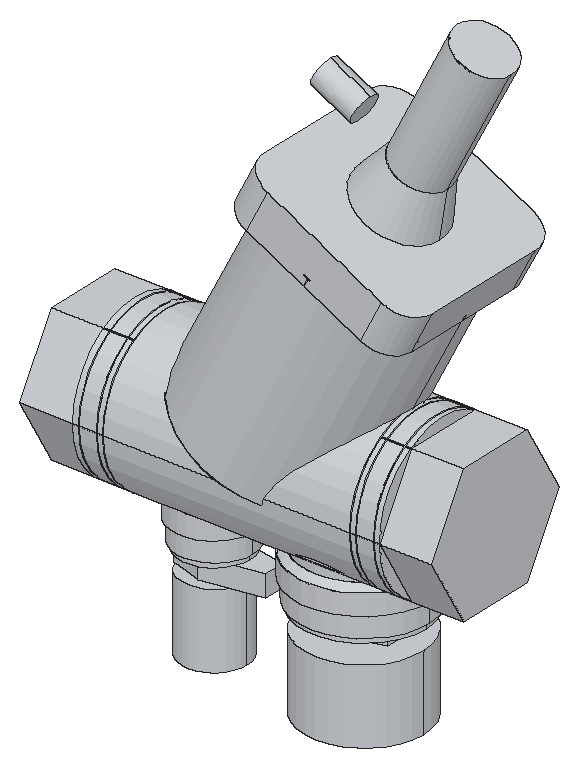
Revit family "PV_Compact_DN040_ 20-80_FF_měř_RFA_2019", category Pipe Accessories, Revit 2019
Family settings
  Round Connector Dimension = Use Diameter
  Part Type = Valve - Breaks Into
  Work Plane-Based = No
  Always vertical = Yes
  Cut with Voids When Loaded = No
  Shared = No
Parameters (values of type "PV Compact DN40 FF s měřením ( 20-80kPa)")
  magiProductId = "8dd334465d8f48dd802c3dab6bec5b"
  magiProductFamilyId = "17221e4467384e4990f0bd3f9c07cb"
  magiPartTypeId = 304
  isMeasuringValve [instance] = no
  ang2D [instance] = 0.00°
  Z7 = 15 mm
  Z6 = 46.8 mm
  Z5 = 109.2 mm
  Z4 = 93.6 mm
  Z3 = 15.6 mm
  Z2 = 78 mm
  XR3 = 42.5 mm
  XR2 = 37.5 mm
  XR1 = 25.5 mm
  W2D = 15 mm
  VersionID = "2.0/2018.12.13.2/FRESE_PV_COMPACT_PLUG_Q13_001"
  Use Minimum Symbol Size [instance] = no
  URL = "www.hydronix.cz"
  Type Comments = "závitový s vnitřním závitem; dvěma měřicími vsuvkami; PN25; dpmax=450kPa; -10~+120°C;"
  R5 = 5 mm
  R4 = 15 mm
  R3 = 10 mm
  R2 = 26.5 mm
  R1 = 31.5 mm
  QmdConnectorList = "301;D;302;D"
  Productdata [instance] = ""
  PH__ve = -PH  # -11.2 mm
  PH = 11.2 mm
  NL__ve = -NL  # -27.6 mm
  NL = 27.6 mm
  Manufacturer = "Hydronix"
  MC Use Limits From Balancing Method = no
  MC Throttling Minimum Value = 0
  MC Throttling Maximum Value = 0
  MC Product Code = "53-3216 DN40; FF; nastavitelný rozsah dp=20~80kPa; Q=3000~8000l/h;  kvs=15,8"
  MC Pressure Drop Minimum Value = 0.0 Pa
  MC Pressure Drop Maximum Value = 0.0 Pa
  MC Piping Given Pressure Drop [instance] = 0.0 Pa
  M5 = 51.4 mm
  M4 = 49.4 mm
  M3 = 43.4 mm
  M2 = 41.4 mm
  LP = 69 mm
  LM = 82.8 mm
  LL__ve = -LL  # -7.1 mm
  LLT__ve = -LLT  # -24.7 mm
  LLT = 24.7 mm
  LL2 = 46 mm
  LL = 7.1 mm
  L3 = 25 mm
  L2D_Min = 30.48 mm
  L2D = 65 mm
  Description = "Nastavitelný regulátor tlakové diference"
  DR1 = no
  DR0 = yes
  DL2 = 66 mm
  D = 40 mm
  CenSd_R2_6 = R2 * cos(30.00°)  # 22.95 mm
  CAT0 = yes
  C0D1 = no
  C0D0 = yes
Types (10, lengths in mm): name | magiProductId | Z6 | Z5 | Z4 | Z3 | Z2 | XR3 | XR2 | XR1 | R2 | R1 | PH__ve | PH | NL__ve | NL | MC Product Code | M5 | M4 | M3 | M2 | LP | LM | LL__ve | LLT__ve | LLT | LL2 | LL | L3 | D | CenSd_R2_6
  PV Compact DN15 FF s měřením ( 20-60kPa) | "92c6061b2d364c498536f200ceae3f" | 24.6 | 57.4 | 49.2 | 8.2 | 41 | 30 | 25 | 13 | 14 | 19 | -22.4 | 22.4 | -15 | 15 | "53-3205 DN15; FF; nastavitelný rozsah dp=20~60kPa; Q=100~1000l/h;  kvs=2,9" | 32.5 | 30.5 | 24.5 | 22.5 | 37.5 | 45 | -5.7 | -14.9 | 14.9 | 32 | 5.7 | 11 | 15 | 12.124
  PV Compact DN15 FF s měřením (  5-30kPa) | "f361d342a5c3496a8b127ae77303d4" | 24.6 | 57.4 | 49.2 | 8.2 | 41 | 30 | 25 | 13 | 14 | 19 | -22.4 | 22.4 | -15 | 15 | "53-3204 DN15; FF; nastavitelný rozsah dp=5~30kPa; Q=50~600l/h;  kvs=2,9" | 32.5 | 30.5 | 24.5 | 22.5 | 37.5 | 45 | -5.7 | -14.9 | 14.9 | 32 | 5.7 | 11 | 15 | 12.124
  PV Compact DN20 FF s měřením ( 20-60kPa) | "9f7cac6a20a942348ba3edadb25c10" | 24.6 | 57.4 | 49.2 | 8.2 | 41 | 30 | 25 | 13 | 14 | 19 | -22.4 | 22.4 | -15.8 | 15.8 | "53-3207 DN20; FF; nastavitelný rozsah dp=20~60kPa; Q=150~2000l/h;  kvs=3,5" | 33.7 | 31.7 | 25.7 | 23.7 | 39.5 | 47.4 | -5.7 | -14.9 | 14.9 | 32 | 5.7 | 11 | 20 | 12.124
  PV Compact DN20 FF s měřením (  5-30kPa) | "db23a1b537c14a0d8d3ef5b88ba9f3" | 24.6 | 57.4 | 49.2 | 8.2 | 41 | 30 | 25 | 13 | 14 | 19 | -22.4 | 22.4 | -15.8 | 15.8 | "53-3206 DN20; FF; nastavitelný rozsah dp=5~30kPa; Q=100~1000l/h;  kvs=3,5" | 33.7 | 31.7 | 25.7 | 23.7 | 39.5 | 47.4 | -5.7 | -14.9 | 14.9 | 32 | 5.7 | 11 | 20 | 12.124
  PV Compact DN25 FF s měřením (  5-30kPa) | "df9f1d59aa4a4bbbaec25e168ba07d" | 25.5 | 59.5 | 51 | 8.5 | 42.5 | 30 | 25 | 13 | 14 | 19 | -20.8 | 20.8 | -16.6 | 16.6 | "53-3208 DN25; FF; nastavitelný rozsah dp=5~30kPa; Q=600~2100l/h;  kvs=4,0" | 34.9 | 32.9 | 26.9 | 24.9 | 41.5 | 49.8 | -5.9 | -16.3 | 16.3 | 34 | 5.9 | 11 | 25 | 12.124
  PV Compact DN25L FF s měřením ( 20-80kPa) | "87b7cca8bace4074a54840dfb5d8dc" | 40.2 | 93.8 | 80.4 | 13.4 | 67 | 42.5 | 37.5 | 25.5 | 26.5 | 31.5 | -17.6 | 17.6 | -20 | 20 | "53-3211 DN25L; FF; nastavitelný rozsah dp=20~80kPa; Q=750~4200l/h;  kvs=8,7" | 40 | 38 | 32 | 30 | 50 | 60 | -6.3 | -19.1 | 19.1 | 38 | 6.3 | 11 | 25 | 22.95
  PV Compact DN25L FF s měřením (  5-30kPa) | "5f34f6c18cbb44599cc4b76a533b7b" | 40.2 | 93.8 | 80.4 | 13.4 | 67 | 42.5 | 37.5 | 25.5 | 26.5 | 31.5 | -17.6 | 17.6 | -20 | 20 | "53-3210 DN25L; FF; nastavitelný rozsah dp=5~30kPa; Q=600~2500l/h;  kvs=8,7" | 40 | 38 | 32 | 30 | 50 | 60 | -6.3 | -19.1 | 19.1 | 38 | 6.3 | 11 | 25 | 22.95
  PV Compact DN32 FF s měřením ( 20-80kPa) | "4a8a1c2c3ced401aa76adec660b182" | 40.2 | 93.8 | 80.4 | 13.4 | 67 | 42.5 | 37.5 | 25.5 | 26.5 | 31.5 | -13.6 | 13.6 | -20.8 | 20.8 | "53-3214 DN32; FF; nastavitelný rozsah dp=20~80kPa; Q=1000~5000l/h;  kvs=10,1" | 41.2 | 39.2 | 33.2 | 31.2 | 52 | 62.4 | -6.8 | -22.6 | 22.6 | 43 | 6.8 | 25 | 32 | 22.95
  PV Compact DN40 FF s měřením ( 20-80kPa) | "8dd334465d8f48dd802c3dab6bec5b" | 46.8 | 109.2 | 93.6 | 15.6 | 78 | 42.5 | 37.5 | 25.5 | 26.5 | 31.5 | -11.2 | 11.2 | -27.6 | 27.6 | "53-3216 DN40; FF; nastavitelný rozsah dp=20~80kPa; Q=3000~8000l/h;  kvs=15,8" | 51.4 | 49.4 | 43.4 | 41.4 | 69 | 82.8 | -7.1 | -24.7 | 24.7 | 46 | 7.1 | 25 | 40 | 22.95
  PV Compact DN50 FF s měřením ( 20-80kPa) | "de24153ded7e41748f92358b184bd6" | 46.8 | 109.2 | 93.6 | 15.6 | 78 | 42.5 | 37.5 | 25.5 | 35.25 | 31.5 | -6.4 | 6.4 | -27.6 | 27.6 | "53-3218 DN50; FF; nastavitelný rozsah dp=20~80kPa; Q=5000~11500l/h;  kvs=16,2" | 51.4 | 49.4 | 43.4 | 41.4 | 69 | 82.8 | -7.7 | -28.9 | 28.9 | 52 | 7.7 | 25 | 50 | 30.527
Reference planes
  plane 1 "Center (Front/Back)": y = 0
  plane 2 "XYPLANE": z = 0
  plane 3 "Center (Left/Right)": x = 0
  plane 4 "408": x = 69
  plane 5 "407": x = -69
  plane 6 "402": z = -66
  plane 7 "213": x = 25
  plane 8 "168": z = -20.7
  plane 9 "167": z = -22.7
  plane 10 "166": z = -29.8
  plane 11 "165": z = -36.9
  plane 12 "164": z = -38.9
  plane 13 "154": z = 0
  plane 14 "152": y = 0
  plane 15 "151": z = -46
  plane 16 "150": x = -25
  plane 17 "75": through (307.08, 0, 685.28) normal (0.891, 0, -0.454)
  plane 18 "74": x = 51.4
  plane 19 "73": x = 49.4
  plane 20 "72": x = 43.4
  plane 21 "71": x = 41.4
  plane 22 "70": x = -51.4
  plane 23 "69": x = -49.4
  plane 24 "68": x = -43.4
  plane 25 "67": y = 0
  plane 26 "66": through (-666.893, 0, 343.166) normal (0.454, 0, 0.891)
  plane 27 "65": x = -41.4
  plane 28 "64": through (335.147, 0, 670.979) normal (0.891, 0, -0.454)
  plane 29 "63": through (-632.844, 0, 409.991) normal (0.454, 0, 0.891)
  plane 30 "62": through (363.214, 0, 656.678) normal (0.891, 0, -0.454)
  plane 31 "61": y = 31.5
  plane 32 "60": y = -31.5
  plane 33 "59": through (-625.761, 0, 423.891) normal (0.454, 0, 0.891)
  plane 34 "58": through (-618.679, 0, 437.791) normal (0.454, 0, 0.891)
  plane 35 "57": through (302.625, 0, 687.549) normal (0.891, 0, -0.454)
  plane 36 "56": x = 0
  plane 37 "55": through (-668.255, 0, 340.493) normal (0.454, 0, 0.891)
  plane 38 "102XY": through (-668.255, 0, 340.493) normal (0.454, 0, 0.891)
  plane 39 "102XZ": y = 0
  plane 40 "102YZ": through (340.493, 0, 668.255) normal (0.891, 0, -0.454)
Forms (mm)
  Extrusion 1, solid
    sketch origin (69, -750, 0) x (0, 1, 0) y (0, 0, 1)
      loop
        line (776.5, 0) -> (763.25, 22.95) -> (736.75, 22.95) -> (723.5, 0) -> (736.75, -22.95) -> (763.25, -22.95) -> (776.5, 0)
    from 0 to -27.6 <- "NL__ve"
  Extrusion 2, solid
    sketch origin (-69, -750, 0) x (0, 1, 0) y (0, 0, 1)
      loop
        line (723.5, 0) -> (736.75, -22.95) -> (763.25, -22.95) -> (776.5, 0) -> (763.25, 22.95) -> (736.75, 22.95) -> (723.5, 0)
    from 0 to 27.6 <- "NL"
  Extrusion 3, solid, visible <- "C0D1"
    sketch origin (-750, 0, -66) x (1, 0, 0) y (0, 1, 0)
      loop
        circle (775, 0) r 24
    from 0 to 50
  Extrusion 4, solid, visible <- "DR1"
    sketch origin (-750, 0, -29.8) x (1, 0, 0) y (0, 1, 0)
      loop
        line (775, -24.5) -> (790.292, -6) -> (790.292, 6) -> (775, 24.5) -> (750.608, 6) -> (750.608, -6) -> (775, -24.5)
    from 0 to -11.2 <- "PH__ve"
  Extrusion 5, solid, visible <- "DR1"
    sketch origin (-750, 0, -29.8) x (1, 0, 0) y (0, 1, 0)
      loop
        circle (775, 0) r 24
    from 0 to 7.1 <- "LL"
  Blend 6, solid, visible <- "DR1"
    base sketch origin (-750, 0, -20.7) x (1, 0, 0) y (0, 1, 0)
      loop
        circle (775, 0) r 21.5
    top sketch origin (-750, 0, -20.7) x (1, 0, 0) y (0, 1, 0)
      loop
        circle (775, 0) r 24
    from 0 to -2
  Extrusion 7, solid, visible <- "DR1"
    sketch origin (-750, 0, 0) x (1, 0, 0) y (0, 1, 0)
      loop
        circle (775, 0) r 21.5
    from 0 to -24.7 <- "LLT__ve"
  Extrusion 8, solid, visible <- "C0D0"
    sketch origin (-750, 0, -46) x (1, 0, 0) y (0, 1, 0)
      loop
        circle (775, 0) r 20
    from 0 to -25
  Extrusion 9, solid, visible <- "DR0"
    sketch origin (-750, 0, -38.9) x (1, 0, 0) y (0, 1, 0)
      loop
        line (775, -7) -> (785.962, -3.5) -> (785.962, 3.5) -> (775, 7) -> (754.938, 3.5) -> (754.938, -3.5) -> (775, -7)
    from 0 to -7.1 <- "LL__ve"
  Extrusion 10, solid, visible <- "DR0"
    sketch origin (-750, 0, -38.9) x (1, 0, 0) y (0, 1, 0)
      loop
        circle (775, 0) r 21
    from 0 to 2
  Extrusion 11, solid, visible <- "DR0"
    sketch origin (-750, 0, -29.8) x (1, 0, 0) y (0, 1, 0)
      loop
        circle (775, 0) r 23
    from 0 to 7.1 <- "LL"
  Blend 12, solid, visible <- "DR0"
    base sketch origin (-750, 0, -20.7) x (1, 0, 0) y (0, 1, 0)
      loop
        circle (775, 0) r 20.5
    top sketch origin (-750, 0, -20.7) x (1, 0, 0) y (0, 1, 0)
      loop
        circle (775, 0) r 23
    from 0 to -2
  Extrusion 13, solid, visible <- "DR0"
    sketch origin (-750, 0, 0) x (1, 0, 0) y (0, 1, 0)
      loop
        circle (775, 0) r 20.5
    from 0 to -24.7 <- "LLT__ve"
  Extrusion 14, solid, visible <- "DR0"
    sketch origin (-750, 0, 0) x (1, 0, 0) y (0, 1, 0)
      loop
        circle (775, 0) r 20.5
    from 0 to -24.7 <- "LLT__ve"
  Blend 15, solid, visible <- "DR0"
    base sketch origin (-750, 0, -20.7) x (1, 0, 0) y (0, 1, 0)
      loop
        circle (775, 0) r 20.5
    top sketch origin (-750, 0, -20.7) x (1, 0, 0) y (0, 1, 0)
      loop
        circle (775, 0) r 23
    from 0 to -2
  Extrusion 16, solid, visible <- "DR0"
    sketch origin (-750, 0, -29.8) x (1, 0, 0) y (0, 1, 0)
      loop
        circle (775, 0) r 23
    from 0 to 7.1 <- "LL"
  Extrusion 17, solid, visible <- "DR0"
    sketch origin (-750, 0, -36.9) x (1, 0, 0) y (0, 1, 0)
      loop
        circle (775, 0) r 22
    from 0 to 7.1 <- "LL"
  Extrusion 18, solid, visible <- "DR0"
    sketch origin (-750, 0, -38.9) x (1, 0, 0) y (0, 1, 0)
      loop
        circle (775, 0) r 21
    from 0 to 2
  Extrusion 19, solid, visible <- "DR0"
    sketch origin (-750, 0, -38.9) x (1, 0, 0) y (0, 1, 0)
      loop
        line (775, -7) -> (785.962, -3.5) -> (785.962, 3.5) -> (775, 7) -> (754.938, 3.5) -> (754.938, -3.5) -> (775, -7)
    from 0 to -7.1 <- "LL__ve"
  Extrusion 20, solid, visible <- "C0D0"
    sketch origin (-750, 0, -46) x (1, 0, 0) y (0, 1, 0)
      loop
        circle (775, 0) r 20
    from 0 to -25
  Extrusion 21, solid, visible <- "CAT0"
    sketch origin (-750, 0, -46) x (1, 0, 0) y (0, 1, 0)
      loop
        circle (725, 0) r 10.9
    from 0 to -25
  Extrusion 22, solid
    sketch origin (-750, 0, -38.9) x (1, 0, 0) y (0, 1, 0)
      loop
        line (725, -7) -> (745.062, -3.5) -> (745.062, 3.5) -> (725, 7) -> (714.038, 3.5) -> (714.038, -3.5) -> (725, -7)
    from 0 to -7.1 <- "LL__ve"
  Extrusion 23, solid
    sketch origin (-750, 0, -38.9) x (1, 0, 0) y (0, 1, 0)
      loop
        circle (725, 0) r 11.9
    from 0 to 2
  Extrusion 24, solid
    sketch origin (-750, 0, -36.9) x (1, 0, 0) y (0, 1, 0)
      loop
        circle (725, 0) r 12.9
    from 0 to 7.1 <- "LL"
  Extrusion 25, solid
    sketch origin (-750, 0, -29.8) x (1, 0, 0) y (0, 1, 0)
      loop
        circle (725, 0) r 13.9
    from 0 to 7.1 <- "LL"
  Blend 26, solid
    base sketch origin (-750, 0, -20.7) x (1, 0, 0) y (0, 1, 0)
      loop
        circle (725, 0) r 11.4
    top sketch origin (-750, 0, -20.7) x (1, 0, 0) y (0, 1, 0)
      loop
        circle (725, 0) r 13.9
    from 0 to -2
  Extrusion 27, solid
    sketch origin (-750, 0, 0) x (1, 0, 0) y (0, 1, 0)
      loop
        circle (725, 0) r 11.4
    from 0 to -24.7 <- "LLT__ve"
  Blend 28, solid, visible <- "CAT0"
    base sketch origin (49.4, -750, 0) x (0, 1, 0) y (0, 0, 1)
      loop
        circle (750, 0) r 26.5
    top sketch origin (49.4, -750, 0) x (0, 1, 0) y (0, 0, 1)
      loop
        circle (750, 0) r 26.5
    from 0 to 2
  Extrusion 29, solid, visible <- "CAT0"
    sketch origin (43.4, -750, 0) x (0, 1, 0) y (0, 0, 1)
      loop
        circle (750, 0) r 26.5
    from 0 to 6
  Blend 30, solid, visible <- "CAT0"
    base sketch origin (41.4, -750, 0) x (0, 1, 0) y (0, 0, 1)
      loop
        circle (750, 0) r 26.5
    top sketch origin (41.4, -750, 0) x (0, 1, 0) y (0, 0, 1)
      loop
        circle (750, 0) r 26.5
    from 0 to 2
  Blend 31, solid, visible <- "CAT0"
    base sketch origin (-49.4, -750, 0) x (0, 1, 0) y (0, 0, 1)
      loop
        circle (750, 0) r 26.5
    top sketch origin (-49.4, -750, 0) x (0, 1, 0) y (0, 0, 1)
      loop
        circle (750, 0) r 26.5
    from 0 to -2
  Extrusion 32, solid, visible <- "CAT0"
    sketch origin (-49.4, -750, 0) x (0, 1, 0) y (0, 0, 1)
      loop
        circle (750, 0) r 26.5
    from 0 to 6
  Blend 33, solid, visible <- "CAT0"
    base sketch origin (-43.4, -750, 0) x (0, 1, 0) y (0, 0, 1)
      loop
        circle (750, 0) r 26.5
    top sketch origin (-43.4, -750, 0) x (0, 1, 0) y (0, 0, 1)
      loop
        circle (750, 0) r 26.5
    from 0 to 2
  Extrusion 34, solid, visible <- "CAT0"
    sketch origin (-41.4, -750, 0) x (0, 1, 0) y (0, 0, 1)
      loop
        circle (750, 0) r 26.5
    from 0 to 82.8 <- "LM"
  Extrusion 35, solid, visible <- "CAT0"
    sketch origin (-666.893, 0, 343.166) x (0.891007, 0, -0.45399) y (0, 1, 0)
      loop
        circle (744, 0) r 31.5
    from 0 to 78 <- "Z2"
  Extrusion 36, solid, visible <- "CAT0"
    sketch origin (-632.844, 0, 409.991) x (0.891007, 0, -0.45399) y (0, 1, 0)
      loop
        arc (722.5, 31.5) -> (715.429, 28.571) -> (712.5, 21.5) r 10
        line (712.5, 21.5) -> (712.5, -21.5)
        arc (712.5, -21.5) -> (715.429, -28.571) -> (722.5, -31.5) r 10
        line (722.5, -31.5) -> (765.5, -31.5)
        arc (765.5, -31.5) -> (772.571, -28.571) -> (775.5, -21.5) r 10
        line (775.5, -21.5) -> (775.5, 21.5)
        arc (775.5, 21.5) -> (772.571, 28.571) -> (765.5, 31.5) r 10
        line (765.5, 31.5) -> (722.5, 31.5)
    from 0 to 15.6 <- "Z3"
  Blend 37, solid, visible <- "CAT0"
    base sketch origin (-625.761, 0, 423.891) x (0.891007, 0, -0.45399) y (0, 1, 0)
      loop
        circle (744, 0) r 15
    top sketch origin (-625.761, 0, 423.891) x (0.891007, 0, -0.45399) y (0, 1, 0)
      loop
        circle (744, 0) r 10
    from 0 to 15.6
  Extrusion 38, solid, visible <- "CAT0"
    sketch origin (-618.679, 0, 437.791) x (0.891007, 0, -0.45399) y (0, 1, 0)
      loop
        circle (744, 0) r 10
    from 0 to 46.8 <- "Z6"
  Extrusion 39, solid, visible <- "CAT0"
    sketch origin (302.625, 0, 687.549) x (-0.45399, 0, -0.891007) y (0, 1, 0)
      loop
        circle (640.8, 0) r 5
    from 0 to 15 <- "Z7"
  Blend 40, solid, visible <- "CAT0"
    base sketch origin (-668.255, 0, 340.493) x (0.891007, 0, -0.45399) y (0, 1, 0)
      loop
        circle (744, 0) r 27.5
    top sketch origin (-668.255, 0, 340.493) x (0.891007, 0, -0.45399) y (0, 1, 0)
      loop
        circle (744, 0) r 31.5
    from 0 to 3
  Extrusion 41, solid, not visible
    sketch origin (-51.4, -750, 0) x (0, 1, 0) y (0, 0, 1)
      loop
        circle (750, 0) r 22.5
    from 0 to 10
  Extrusion 42, solid, not visible
    sketch origin (51.4, -750, 0) x (0, 1, 0) y (0, 0, 1)
      loop
        circle (750, 0) r 22.5
    from 0 to -10
Lines and regions (mm)
  reference lines, not visible
    curve 1: circle (2, 2, 0) r 1 normal (0, 0, 1)
  reference lines
    curve 2: line (69, 0, 0) -> (69, -3.5, 6.062)
    curve 3: line (69, 0, 0) -> (69, -7, 0)
    curve 4: line (69, 0, 0) -> (69, -3.5, -6.062)
    curve 5: line (-69, 0, 0) -> (-69, 3.5, 6.062)
    curve 6: line (-69, 0, 0) -> (-69, 7, 0)
    curve 7: line (-69, 0, 0) -> (-69, 3.5, -6.062)
Dimensions and locks
  plane 1 "Center (Front/Back)" to curve 1 = 2 mm
  "LP": plane 36 "56" to plane 4 "408"
  "LP": plane 36 "56" to plane 5 "407"
  "DL2": plane 2 "XYPLANE" to plane 6 "402"
  "L3": plane 3 "Center (Left/Right)" to plane 7 "213"
  locked: plane 9 "167" to plane 8 "168" at 2
  "LL": plane 10 "166" to plane 9 "167"
  "LL": plane 11 "165" to plane 10 "166"
  locked: plane 12 "164" to plane 11 "165" at 2
  "LL": plane 15 "151" to plane 12 "164"
  locked: plane 2 "XYPLANE" to plane 13 "154"
  locked: plane 1 "Center (Front/Back)" to plane 14 "152"
  "LL2": plane 2 "XYPLANE" to plane 15 "151"
  "L3": plane 3 "Center (Left/Right)" to plane 16 "150"
  "XR2": plane 40 "102YZ" to plane 17 "75"
  "M5": plane 3 "Center (Left/Right)" to plane 18 "74"
  "M4": plane 3 "Center (Left/Right)" to plane 19 "73"
  "M3": plane 3 "Center (Left/Right)" to plane 20 "72"
  "M2": plane 3 "Center (Left/Right)" to plane 21 "71"
  "M5": plane 3 "Center (Left/Right)" to plane 22 "70"
  "M4": plane 3 "Center (Left/Right)" to plane 23 "69"
  "M3": plane 3 "Center (Left/Right)" to plane 24 "68"
  locked: plane 14 "152" to plane 25 "67"
  locked: plane 38 "102XY" to plane 26 "66" at 3
  "M2": plane 3 "Center (Left/Right)" to plane 27 "65"
  locked: plane 40 "102YZ" to plane 28 "64" at 6
  "Z2": plane 38 "102XY" to plane 29 "63"
  "XR1": plane 40 "102YZ" to plane 30 "62"
  "R1": plane 14 "152" to plane 31 "61"
  "R1": plane 14 "152" to plane 32 "60"
  "Z4": plane 38 "102XY" to plane 33 "59"
  "Z5": plane 38 "102XY" to plane 34 "58"
  "XR3": plane 40 "102YZ" to plane 35 "57"
  locked: plane 3 "Center (Left/Right)" to plane 36 "56"
  locked: plane 38 "102XY" to plane 37 "55"
  "CenSd_R2_6": curve 2 to Extrusion 1 sketch curve  (x2)
  "CenSd_R2_6": curve 3 to Extrusion 1 sketch curve  (x2)
  "CenSd_R2_6": curve 4 to Extrusion 1 sketch curve  (x2)
  Extrusion 1 sketch curve to Extrusion 1 sketch curve = 0 mm  (x12)
  "CenSd_R2_6": curve 5 to Extrusion 2 sketch curve  (x2)
  "CenSd_R2_6": curve 6 to Extrusion 2 sketch curve  (x2)
  "CenSd_R2_6": curve 7 to Extrusion 2 sketch curve  (x2)
  Extrusion 2 sketch curve to Extrusion 2 sketch curve = 0 mm  (x12)
  Extrusion 4 sketch curve to Extrusion 4 sketch curve = 0 mm  (x12)
  Extrusion 9 sketch curve to Extrusion 9 sketch curve = 0 mm  (x12)
  Extrusion 19 sketch curve to Extrusion 19 sketch curve = 0 mm  (x12)
  Extrusion 22 sketch curve to Extrusion 22 sketch curve = 0 mm  (x12)
  Extrusion 36 sketch curve to Extrusion 36 sketch curve = 0 mm  (x16)
  "R2": radius of Blend 28 sketch curve  (x2)
  "R2": radius of Extrusion 29 sketch curve
  "R2": radius of Blend 30 sketch curve  (x2)
  "R2": radius of Blend 31 sketch curve  (x2)
  "R2": radius of Extrusion 32 sketch curve
  "R2": radius of Blend 33 sketch curve  (x2)
  "R2": radius of Extrusion 34 sketch curve
  "R1": radius of Extrusion 35 sketch curve
  radius of Extrusion 36 sketch curve = 10 mm  (x4)
  "R3": radius of Blend 37 sketch curve
  "R4": radius of Blend 37 sketch curve
  "R3": radius of Extrusion 38 sketch curve
  "R5": radius of Extrusion 39 sketch curve
  "R1": radius of Blend 40 sketch curve
  locked: curve 3 to curve 2 (angle 60.00°)
  locked: curve 4 to curve 3 (angle 60.00°)
  locked: curve 4 to curve 2 (angle 120.00°)
  locked: curve 6 to curve 5 (angle 60.00°)
  locked: curve 7 to curve 6 (angle 60.00°)
  locked: curve 7 to curve 5 (angle 120.00°)
  aligned and locked: level to plane 2 "XYPLANE"
  aligned and locked: plane 13 "154" to curve 4
  aligned and locked: curve 4 to plane 14 "152"
  aligned and locked: plane 13 "154" to curve 7
  aligned and locked: curve 7 to plane 14 "152"
  aligned and locked: plane 7 "213" to Extrusion 3 sketch curve
  aligned and locked: plane 14 "152" to Extrusion 3 sketch curve
  aligned and locked: plane 7 "213" to Extrusion 5 sketch curve
  aligned and locked: plane 14 "152" to Extrusion 5 sketch curve
  aligned and locked: plane 7 "213" to Blend 6 sketch curve  (x2)
  aligned and locked: plane 14 "152" to Blend 6 sketch curve  (x2)
  aligned and locked: Blend 6 to plane 9 "167"
  aligned and locked: plane 7 "213" to Extrusion 7 sketch curve
  aligned and locked: plane 14 "152" to Extrusion 7 sketch curve
  aligned and locked: plane 7 "213" to Extrusion 8 sketch curve
  aligned and locked: plane 14 "152" to Extrusion 8 sketch curve
  aligned and locked: plane 7 "213" to Extrusion 10 sketch curve
  aligned and locked: plane 14 "152" to Extrusion 10 sketch curve
  aligned and locked: plane 7 "213" to Extrusion 11 sketch curve
  aligned and locked: plane 14 "152" to Extrusion 11 sketch curve
  aligned and locked: plane 7 "213" to Blend 12 sketch curve  (x2)
  aligned and locked: plane 14 "152" to Blend 12 sketch curve  (x2)
  aligned and locked: Blend 12 to plane 9 "167"
  aligned and locked: plane 7 "213" to Extrusion 13 sketch curve
  aligned and locked: plane 14 "152" to Extrusion 13 sketch curve
  aligned and locked: plane 7 "213" to Extrusion 14 sketch curve
  aligned and locked: plane 14 "152" to Extrusion 14 sketch curve
  aligned and locked: plane 7 "213" to Blend 15 sketch curve  (x2)
  aligned and locked: plane 14 "152" to Blend 15 sketch curve  (x2)
  aligned and locked: Blend 15 to plane 9 "167"
  aligned and locked: plane 7 "213" to Extrusion 16 sketch curve
  aligned and locked: plane 14 "152" to Extrusion 16 sketch curve
  aligned and locked: plane 7 "213" to Extrusion 17 sketch curve
  aligned and locked: plane 14 "152" to Extrusion 17 sketch curve
  aligned and locked: plane 7 "213" to Extrusion 18 sketch curve
  aligned and locked: plane 14 "152" to Extrusion 18 sketch curve
  aligned and locked: plane 7 "213" to Extrusion 20 sketch curve
  aligned and locked: plane 14 "152" to Extrusion 20 sketch curve
  aligned and locked: plane 14 "152" to Extrusion 21 sketch curve
  aligned and locked: plane 16 "150" to Extrusion 21 sketch curve
  aligned and locked: plane 14 "152" to Extrusion 23 sketch curve
  aligned and locked: plane 16 "150" to Extrusion 23 sketch curve
  aligned and locked: plane 14 "152" to Extrusion 24 sketch curve
  aligned and locked: plane 16 "150" to Extrusion 24 sketch curve
  aligned and locked: plane 14 "152" to Extrusion 25 sketch curve
  aligned and locked: plane 16 "150" to Extrusion 25 sketch curve
  aligned and locked: plane 14 "152" to Blend 26 sketch curve  (x2)
  aligned and locked: plane 16 "150" to Blend 26 sketch curve  (x2)
  aligned and locked: Blend 26 to plane 9 "167"
  aligned and locked: plane 14 "152" to Extrusion 27 sketch curve
  aligned and locked: plane 16 "150" to Extrusion 27 sketch curve
  aligned and locked: plane 13 "154" to Blend 28 sketch curve  (x2)
  aligned and locked: Blend 28 sketch curve to plane 14 "152"  (x2)
  aligned and locked: plane 18 "74" to Blend 28
  aligned and locked: plane 13 "154" to Extrusion 29 sketch curve
  aligned and locked: Extrusion 29 sketch curve to plane 14 "152"
  aligned and locked: plane 13 "154" to Blend 30 sketch curve  (x2)
  aligned and locked: Blend 30 sketch curve to plane 14 "152"  (x2)
  aligned and locked: plane 20 "72" to Blend 30
  aligned and locked: plane 13 "154" to Blend 31 sketch curve  (x2)
  aligned and locked: Blend 31 sketch curve to plane 14 "152"  (x2)
  aligned and locked: Blend 31 to plane 22 "70"
  aligned and locked: plane 13 "154" to Extrusion 32 sketch curve
  aligned and locked: Extrusion 32 sketch curve to plane 14 "152"
  aligned and locked: plane 13 "154" to Blend 33 sketch curve  (x2)
  aligned and locked: Blend 33 sketch curve to plane 14 "152"  (x2)
  aligned and locked: plane 27 "65" to Blend 33
  aligned and locked: plane 13 "154" to Extrusion 34 sketch curve
  aligned and locked: Extrusion 34 sketch curve to plane 14 "152"
  aligned and locked: plane 25 "67" to Extrusion 35 sketch curve
  aligned and locked: Extrusion 35 sketch curve to plane 28 "64"
  aligned and locked: Extrusion 36 sketch curve to plane 17 "75"
  aligned and locked: Extrusion 36 sketch curve to plane 32 "60"
  aligned and locked: Extrusion 36 sketch curve to plane 30 "62"
  aligned and locked: plane 31 "61" to Extrusion 36 sketch curve
  aligned and locked: plane 25 "67" to Blend 37 sketch curve  (x2)
  aligned and locked: Blend 37 sketch curve to plane 28 "64"  (x2)
  aligned and locked: plane 34 "58" to Blend 37
  aligned and locked: plane 25 "67" to Extrusion 38 sketch curve
  aligned and locked: Extrusion 38 sketch curve to plane 28 "64"
  aligned and locked: plane 25 "67" to Extrusion 39 sketch curve
  aligned and locked: plane 34 "58" to Extrusion 39 sketch curve
  aligned and locked: plane 25 "67" to Blend 40 sketch curve  (x2)
  aligned and locked: Blend 40 sketch curve to plane 28 "64"  (x2)
  aligned and locked: plane 26 "66" to Blend 40
  aligned and locked: plane 13 "154" to Extrusion 41 sketch curve
  aligned and locked: Extrusion 41 sketch curve to plane 14 "152"
  aligned and locked: plane 13 "154" to Extrusion 42 sketch curve
  aligned and locked: Extrusion 42 sketch curve to plane 14 "152"
Automatic sketch dimensions
  plane 3 "Center (Left/Right)" to Extrusion 3 sketch curve = 1 mm
  Extrusion 4 sketch curve to plane 7 "213" = 0 mm  (x2)
  plane 3 "Center (Left/Right)" to Extrusion 4 sketch curve = 0.608 mm
  Extrusion 4 sketch curve to plane 21 "71" = 1.108 mm
  plane 32 "60" to Extrusion 4 sketch curve = 7 mm
  plane 1 "Center (Front/Back)" to Extrusion 4 sketch curve = 6 mm  (x2)
  Extrusion 4 sketch curve to plane 1 "Center (Front/Back)" = 6 mm  (x2)
  Extrusion 4 sketch curve to plane 31 "61" = 7 mm
  plane 3 "Center (Left/Right)" to Extrusion 5 sketch curve = 1 mm
  plane 3 "Center (Left/Right)" to Blend 6 sketch curve = 3.5 mm
  plane 3 "Center (Left/Right)" to Blend 6 sketch curve = 1 mm
  plane 3 "Center (Left/Right)" to Extrusion 7 sketch curve = 3.5 mm
  plane 3 "Center (Left/Right)" to Extrusion 8 sketch curve = 5 mm
  Extrusion 9 sketch curve to plane 7 "213" = 0 mm  (x2)
  plane 3 "Center (Left/Right)" to Extrusion 9 sketch curve = 4.938 mm
  Extrusion 9 sketch curve to plane 21 "71" = 5.438 mm
  plane 1 "Center (Front/Back)" to Extrusion 9 sketch curve = 7 mm
  plane 1 "Center (Front/Back)" to Extrusion 9 sketch curve = 3.5 mm  (x2)
  Extrusion 9 sketch curve to plane 1 "Center (Front/Back)" = 3.5 mm  (x2)
  Extrusion 9 sketch curve to Extrusion 9 sketch curve = 3.5 mm
  plane 3 "Center (Left/Right)" to Extrusion 10 sketch curve = 4 mm
  plane 3 "Center (Left/Right)" to Extrusion 11 sketch curve = 2 mm
  plane 3 "Center (Left/Right)" to Blend 12 sketch curve = 4.5 mm
  plane 3 "Center (Left/Right)" to Blend 12 sketch curve = 2 mm
  plane 3 "Center (Left/Right)" to Extrusion 13 sketch curve = 4.5 mm
  plane 3 "Center (Left/Right)" to Extrusion 14 sketch curve = 4.5 mm
  plane 3 "Center (Left/Right)" to Blend 15 sketch curve = 4.5 mm
  plane 3 "Center (Left/Right)" to Blend 15 sketch curve = 2 mm
  plane 3 "Center (Left/Right)" to Extrusion 16 sketch curve = 2 mm
  plane 3 "Center (Left/Right)" to Extrusion 17 sketch curve = 3 mm
  plane 3 "Center (Left/Right)" to Extrusion 18 sketch curve = 4 mm
  Extrusion 19 sketch curve to plane 7 "213" = 0 mm  (x2)
  plane 3 "Center (Left/Right)" to Extrusion 19 sketch curve = 4.938 mm
  Extrusion 19 sketch curve to plane 21 "71" = 5.438 mm
  plane 1 "Center (Front/Back)" to Extrusion 19 sketch curve = 7 mm
  plane 1 "Center (Front/Back)" to Extrusion 19 sketch curve = 3.5 mm  (x2)
  Extrusion 19 sketch curve to plane 1 "Center (Front/Back)" = 3.5 mm  (x2)
  Extrusion 19 sketch curve to Extrusion 19 sketch curve = 3.5 mm
  plane 3 "Center (Left/Right)" to Extrusion 20 sketch curve = 5 mm
  plane 27 "65" to Extrusion 21 sketch curve = 5.5 mm
  Extrusion 22 sketch curve to plane 16 "150" = 0 mm  (x2)
  plane 27 "65" to Extrusion 22 sketch curve = 5.438 mm
  Extrusion 22 sketch curve to plane 3 "Center (Left/Right)" = 4.938 mm
  plane 1 "Center (Front/Back)" to Extrusion 22 sketch curve = 7 mm
  plane 1 "Center (Front/Back)" to Extrusion 22 sketch curve = 3.5 mm  (x2)
  Extrusion 22 sketch curve to plane 1 "Center (Front/Back)" = 3.5 mm  (x2)
  Extrusion 22 sketch curve to Extrusion 22 sketch curve = 3.5 mm
  plane 27 "65" to Extrusion 23 sketch curve = 4.5 mm
  plane 27 "65" to Extrusion 24 sketch curve = 3.5 mm
  plane 27 "65" to Extrusion 25 sketch curve = 2.5 mm
  plane 27 "65" to Blend 26 sketch curve = 5 mm
  plane 27 "65" to Blend 26 sketch curve = 2.5 mm
  plane 27 "65" to Extrusion 27 sketch curve = 5 mm
  plane 17 "75" to Blend 40 sketch curve = 4 mm
  plane 32 "60" to Extrusion 41 sketch curve = 9 mm
  plane 32 "60" to Extrusion 42 sketch curve = 9 mm
  plane 3 "Center (Left/Right)" to curve 1 = 2 mm
  radius of curve 1 = 1 mm
Connectors
  piping at (-51.4, 0, 0), diameter 40, driven by "D"
    settings: on Extrusion 41, index 1, connector inside diameter 609.6 mm, connector length 0 mm, flow factor 0, pipe flow 0.0 L/s, pressure drop 0.0 Pa, fitting loss kfactor 0, connector angle 0.00°, fixture units 0, engagement length 0 mm, angle of deflection 0.00°, flow configuration 0, flow direction 0, fitting loss method 0, system type 29, joint type 0, gender type 0, connector reference index 2, connector utility 0, adjustable connector no, is connector primary yes, connector description ""
  piping at (51.4, 0, 0), diameter 40, driven by "D"
    settings: on Extrusion 42, index 2, connector inside diameter 609.6 mm, connector length 0 mm, flow factor 0, pipe flow 0.0 L/s, pressure drop 0.0 Pa, fitting loss kfactor 0, connector angle 0.00°, fixture units 0, engagement length 0 mm, angle of deflection 0.00°, flow configuration 0, flow direction 0, fitting loss method 0, system type 29, joint type 0, gender type 0, connector reference index 1, connector utility 0, adjustable connector no, is connector primary no, connector description ""
